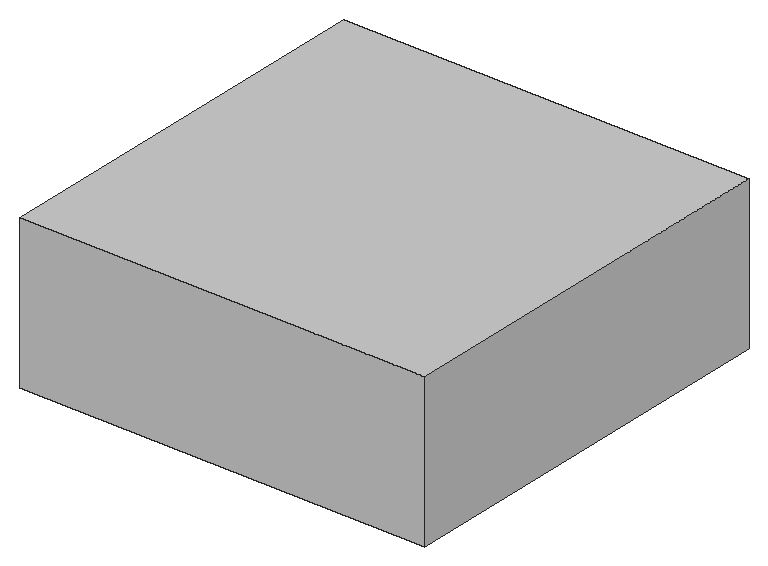
Revit family "StructuralFoundations_PileFoundation-Freeform", category Structural Foundations, Revit 2022
Family settings
  Material for Model Behavior = Concrete
  Cap = Yes
  OmniClass Number = 23.25.05.00
  OmniClass Title = Foundations
  Work Plane-Based = Yes
  Always vertical = Yes
  Cut with Voids When Loaded = No
  Shared = Yes
Parameters (values of type "550Ø RC 5-PILE CAP")
  k = 3
  Width = Pile Spacing + Diameter + (Pile Edge Distance * 2)  # 3183.452 mm
  Void position Top [instance] = ((Depth - Pile Embedment) * -1)  # -1125 mm
  Structural Material = <By Category>
  Pile Spacing = Centre to Pile Spacing * 2  # 2333.452 mm
  Pile Insertion Vertical Offset [instance] = Depth * -1  # -1200 mm
  Radius = 275 mm
  Pile Embedment Numerical [instance] = Pile Embedment / 1 mm  # 75
  Pile Embedment = 75 mm  # constant formula
  Pile Edge Distance = 150 mm  # constant formula
  Pile Depth Numerical [instance] = Pile Depth / 1 mm  # 1500
  Pile Depth = 1500 mm
  Length = Pile Spacing + Diameter + (Pile Edge Distance * 2)  # 3183.452 mm
  Diameter = Radius * 2  # 550 mm
  Depth = 1200 mm
  Default Elevation = 1219.2 mm
  Centre to Pile Spacing = (Diameter * k) * sin(45.00°)  # 1166.726 mm
  Assembly Code = ""
Reference planes
  plane 1 "Center (Front/Back)": y = 0
  plane 2: z = 0
  plane 3 "Center (Left/Right)": x = 0
  plane 4: x = -1166.726
  plane 5: x = 1166.726
  plane 6: y = 1166.726
  plane 7: y = -1166.726
  plane 8: through (-1174.867, 1174.867, 1219.2) normal (0.7071, 0.7071, 0)
  plane 9: through (1174.867, 1174.867, 1219.2) normal (0.7071, -0.7071, 0)
Forms (mm)
  Extrusion 1, solid
    sketch origin (0, 0, 0) x (1, 0, 0) y (0, 1, 0)
      loop
        line (-1591.726, 1591.726) -> (-1591.726, -1591.726) -> (1591.726, -1591.726) -> (1591.726, 1591.726) -> (-1591.726, 1591.726)
    from -1200 to 0
Dimensions and locks
  "Depth": plane 2 to Extrusion 1
  equal spacing: Extrusion 1, plane 3 "Center (Left/Right)", Extrusion 1
  equal spacing: Extrusion 1, plane 1 "Center (Front/Back)", Extrusion 1
  Extrusion 1 to plane 1 "Center (Front/Back)" = 1591.726 mm
  equal spacing: plane 7, plane 1 "Center (Front/Back)", plane 6
  equal spacing: plane 4, plane 3 "Center (Left/Right)", plane 5
  "Centre to Pile Spacing": plane 1 "Center (Front/Back)" to plane 6
  "Centre to Pile Spacing": plane 4 to plane 3 "Center (Left/Right)"
  Extrusion 1 to Extrusion 1 = 3183.452 mm  (x2)
  aligned and locked: plane 2 to level
  aligned and locked: Extrusion 1 to level
Automatic sketch dimensions
  plane 9 to Extrusion 1 sketch curve = 0 mm
  Extrusion 1 sketch curve to plane 8 = 0 mm  (x2)
  Extrusion 1 sketch curve to plane 4 = 425 mm
